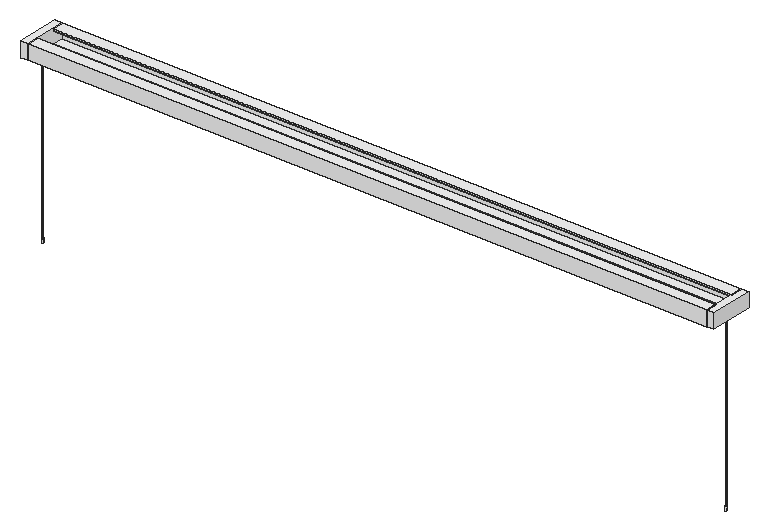
Revit family "SAE104", category Lighting Fixtures, host Face, Revit 2021
Family settings
  Host = Face
  Round Connector Dimension = Use Diameter
  Part Type = Normal
  OmniClass Number = 23.80.70.11.14.17
  OmniClass Title = Direct/Indirect
  Cut with Voids When Loaded = No
  Light Source = Yes
  Shared = Yes
  Room Calculation Point = No
Parameters (values of type "SAE104-8")
  Wattage = 9.2903 W
  Warranty = "5-Years Warranty"
  built-in parameter 1150110 = 1 (stored number, unit not read)
  Voltage = 120 V
  built-in parameter 1114217 = 1 (stored number, unit not read)
  Tilt Angle = -90.00°
  built-in parameter 1150109 = 1 (stored number, unit not read)
  built-in parameter 1150134 = 3
  built-in parameter 1150113 = 1 (stored number, unit not read)
  Power Factor = 1
  Photometric Web Link = ""
  Photometric Web File = "generic"
  Photometric Notes = "More IES files download on Photometric Web Link"  # constant formula
  Pendant Height [instance] = 2' - 0"
  built-in parameter 1150142 = (empty or 0)
  zz Length 1 = 8' - 0"
  Wattage Comments = "Up to 137 lumens/watt efficacy"  # constant formula
  URL = "https://www.currentlighting.com/litecontrol"
  Product Page URL = ""
  Model = "SAE104"  # constant formula
  Manufacturer = "Litecontrol"  # constant formula
  built-in parameter 1150105 = 109.82 (stored number, unit not read)
  Lumens = 1380 lm
  built-in parameter 1150115 = 1 (stored number, unit not read)
  Load Classification = Lighting
  built-in parameter 1150137 = (empty or 0)
  built-in parameter 1150139 = (empty or 0)
  built-in parameter 1150112 = 1 (stored number, unit not read)
  built-in parameter 1150114 = 1 (stored number, unit not read)
  Lamp = "LED's"  # constant formula
  built-in parameter 1150132 = (empty or 0)
  built-in parameter 1150102 = (empty or 0)
  built-in parameter 1150107 = 3200 (stored number, unit not read)
  built-in parameter 1150138 = (empty or 0)
  built-in parameter 1150106 = 1.0982 (stored number, unit not read)
  Glass = White Glass
  Emit from Rectangle Width = 0' - 4"  # constant formula
  Emit from Rectangle Length = zz Length 1 - 0' 2"  # 7' - 10"
  Emit Shape Visible in Rendering = no
  built-in parameter 1150104 = 13.8 (stored number, unit not read)
  Dimming Lamp Color Temperature Shift = <None>
  Description = "Linear Pendant Indirect/Direct"  # constant formula
  Default Elevation = 4' - 0"
  Contact Us = ""
  Color Filter = 16777215
  built-in parameter 1114218 = 1 (stored number, unit not read)
  Housing Material = Paint -  Matte White
  built-in parameter 1150133 = 10 (stored number, unit not read)
  Assembly Code = "D5020200"
  Apparent Load = 0 VA
Types (3): name | zz Length 1 | Emit from Rectangle Length
  (no name) | 8' - 0" | 7' - 10"
  SAE104-4 | 4' - 0" | 3' - 10"
  SAE104-8 | 8' - 0" | 7' - 10"
Reference planes (in)
  plane 1 "Center (Front/Back)": y = 13.01342
  plane 2: z = 0
  plane 3 "Center (Left/Right)": x = 0
  plane 4: z = 24
  plane 5: x = -48
  plane 6: x = 48
  plane 7: x = -47.3125
  plane 8: x = 47.3125
  plane 9: z = 23.5
  plane 10: z = 0.5
  plane 11: z = 25
Forms (in)
  Revolve 1, solid, material "Paint -  Matte White" <- "Housing Material"
    sketch origin (-5.75, 13.01342, 0) x (-1, 0, 0) y (0, 0, 1)
      loop
        line (-53.0625, 24) -> (-53.0625, 0) -> (-52.9375, 0) -> (-52.9375, 0.5) -> (-53, 0.5) -> (-53, 23.5) -> (-52.9375, 23.5) -> (-52.9375, 24) -> (-53.0625, 24)
      axis (-53.0625, 24) -> (-53.0625, 0)
    angle from 0 to 360
  Revolve 2, solid, material "Paint -  Matte White" <- "Housing Material"
    sketch origin (5.75, 13.01342, 0) x (1, 0, 0) y (0, 0, 1)
      loop
        line (-53.0625, 24) -> (-53.0625, 0) -> (-52.9375, 0) -> (-52.9375, 0.5) -> (-53, 0.5) -> (-53, 23.5) -> (-52.9375, 23.5) -> (-52.9375, 24) -> (-53.0625, 24)
      axis (-53.0625, 24) -> (-53.0625, 0)
    angle from 0 to 360
Dimensions and locks (in)
  "Pendant Height": plane 4 to level
  equal spacing: plane 6, plane 3 "Center (Left/Right)", plane 5
  "zz Length 1": plane 6 to plane 5
  locked: plane 4 to plane 9 at 0.5
  locked: plane 10 to plane 2 at 0.5
  locked: plane 7 to plane 5 at 0.6875
  locked: plane 6 to plane 8 at 0.6875
  locked: plane 11 to plane 4 at 1
  aligned and locked: plane 2 to host face
  aligned and locked: level to host face
  aligned and locked: Revolve 1 sketch curve to Revolve 1 sketch curve
  aligned and locked: Revolve 1 sketch curve to plane 8
  aligned and locked: plane 4 to Revolve 1 sketch curve
  aligned and locked: Revolve 1 sketch curve to level
  aligned and locked: plane 3 "Center (Left/Right)" to nested 1
  aligned and locked: plane 1 "Center (Front/Back)" to nested 1
  aligned and locked: Revolve 2 sketch curve to Revolve 2 sketch curve
  aligned and locked: plane 9 to Revolve 2
  aligned and locked: plane 10 to Revolve 2
  aligned and locked: Revolve 1 to plane 9
  aligned and locked: Revolve 1 to plane 10
  aligned and locked: plane 3 "Center (Left/Right)" to imposter light
  aligned and locked: plane 11 to imposter light
Automatic sketch dimensions
  host sketch curve to host sketch curve = 8' - 0"  (x2)
  plane 8 to Revolve 1 sketch curve = 0' - 0 1/16"
  Revolve 1 sketch curve to level = 0' - 0 1/2"
  Revolve 1 sketch curve to Revolve 1 sketch curve = 0' - 0 1/16"  (x2)
  plane 4 to Revolve 1 sketch curve = 0' - 0 1/2"
  Revolve 1 sketch curve to Revolve 1 sketch curve = 0' - 0.66777"
  Revolve 1 sketch curve to Revolve 1 sketch curve = 0' - 9.83778"
  Revolve 2 sketch curve to plane 4 = 0' - 0"
  Revolve 2 sketch curve to plane 7 = 0' - 0"
  Revolve 2 sketch curve to level = 0' - 0"
  plane 7 to Revolve 2 sketch curve = 0' - 0 1/16"
  level to Revolve 2 sketch curve = 0' - 0 1/2"
  Revolve 2 sketch curve to Revolve 2 sketch curve = 0' - 0 1/16"  (x2)
  Revolve 2 sketch curve to plane 4 = 0' - 0 1/2"
  Revolve 2 sketch curve to Revolve 2 sketch curve = 0' - 0.66777"
  Revolve 2 sketch curve to Revolve 2 sketch curve = 0' - 9.83778"
Nested families (in)
  nested 1: "104" at (-0.01104, 12.97343, 24), Glass <- "Glass", Backbox <- "Housing Material", Length <- "zz Length 1", type "104"
    with Length 8' - 0", Glass White Glass, Backbox Paint -  Matte White
Connectors (in)
  electrical at (0, 10.82592, 24), driven by "Voltage", driven by "Load Classification", driven by "Apparent Load", driven by "Power Factor"
    settings: on nested 1, index 1, voltage 120 V, apparent load 0 VA, apparent load phase1 0 VA, apparent load phase2 0 VA, apparent load phase3 0 VA, power factor 1, load classification "Lighting", number of poles 1, system type 30, power factor state 1, is connector primary yes, connector utility no, sub classification motor no, connector description "Lighting Connector"
Definition of nested family "104"
  Parameters
    Wattage Comments = ""
    URL = ""
    Model = ""
    Manufacturer = ""
    Length [instance] = 4' - 0"
    Lamp = ""
    Glass [instance] = none
    Description = ""
    Default Elevation = 4' - 0"
    Backbox [instance] = none
    Apparent Load = 0 VA
  Reference planes (in)
    plane 1 "Center (Front/Back)": y = 0.03999
    plane 2: z = 0
    plane 3 "Center (Left/Right)": x = 0.01104
    plane 4: y = 8.13374
    plane 5: y = -8.05376
    plane 6: z = 2
    plane 7: z = 1.875
    plane 8: x = -23.98896
    plane 9: x = 24.01104
    plane 10: x = -22.98896
    plane 11: x = 23.01104
    plane 12: y = 1.41499
    plane 13: y = -1.33501
    plane 14: z = 0.125
    plane 15: y = -2.96001
    plane 16: y = 3.03999
    plane 17: z = 1.75
    plane 18: y = 2.91499
    plane 19: y = -2.83501
  Forms (in)
    Extrusion 1, solid
      sketch origin (0, 0, 0.06357) x (1, 0, 0) y (0, 1, 0)
        loop
          line (-48, 48) -> (-48, -48) -> (48, -48) -> (48, 48) -> (-48, 48)
      from -0.06357 to -12.81105
    Extrusion 2, solid, material <- "Backbox"
      sketch origin (23.01104, -180, 29.46954) x (0, 0, 1) y (0, -1, 0)
        loop
          line (-27.46954, -183.03999) -> (-27.46954, -177.03999) -> (-29.46954, -177.03999) -> (-29.46954, -183.03999) -> (-27.46954, -183.03999)
      from 0 to 1
    Extrusion 3, solid, material <- "Backbox"
      sketch origin (-22.98896, -180, 28.85133) x (0, 0, 1) y (0, -1, 0)
        loop
          line (-26.85133, -183.03999) -> (-26.85133, -177.03999) -> (-28.85133, -177.03999) -> (-28.85133, -183.03999) -> (-26.85133, -183.03999)
      from 0 to -1
    Extrusion 4, solid, material <- "Glass"
      sketch origin (-23.78896, 8.13374, 2) x (0, -1, 0) y (1, 0, 0)
        loop
          line (6.71875, 0.8) -> (9.46875, 0.8) -> (9.46875, 46.8) -> (6.71875, 46.8) -> (6.71875, 0.8)
      from -0.125 to -1.875
    Extrusion 5, solid, material <- "Backbox"
      sketch origin (0.01104, 0, 0) x (0, 1, 0) y (0, 0, 1)
        loop
          line (3.03999, 2) -> (1.41499, 2) -> (1.41499, 1.75) -> (2.91499, 1.75) -> (2.91499, 0.125) -> (1.41499, 0.125) -> (1.41499, 0) -> (3.03999, 0) -> (3.03999, 2)
        loop
          line (-2.96001, 0) -> (-1.33501, 0) -> (-1.33501, 0.125) -> (-2.83501, 0.125) -> (-2.83501, 1.75) -> (-1.33501, 1.75) -> (-1.33501, 2) -> (-2.96001, 2) -> (-2.96001, 0)
      from -23 to 23
  Cuts and joins
    joined: Extrusion 2, Extrusion 3
  Dimensions and locks (in)
    locked: plane 6 to Extrusion 1 at 2
    locked: plane 6 to plane 7 at 0.125
    "Length": plane 9 to plane 8
    locked: plane 10 to plane 8 at 1
    locked: plane 9 to plane 11 at 1
    equal spacing: plane 9, plane 3 "Center (Left/Right)", plane 8
    locked: plane 14 to Extrusion 1 at 0.125
    locked: plane 12 to plane 13 at 2.75
    equal spacing: plane 12, plane 1 "Center (Front/Back)", plane 13
    plane 16 to plane 1 "Center (Front/Back)" to plane 15 = 0' - 3" locked, 0' - 3" locked
    locked: plane 7 to plane 17 at 0.125
    locked: plane 16 to plane 18 at 0.125
    locked: plane 19 to plane 15 at 0.125
    aligned and locked: plane 2 to Extrusion 1
    aligned and locked: plane 9 to cut or joined group of Extrusion 2, Extrusion 3
    aligned and locked: cut or joined group of Extrusion 2, Extrusion 3 to plane 8
    aligned and locked: Extrusion 5 to plane 10
    aligned and locked: plane 11 to Extrusion 5
    aligned and locked: plane 12 to Extrusion 4 sketch curve
    aligned and locked: plane 13 to Extrusion 4 sketch curve
    aligned and locked: Extrusion 3 to Extrusion 4
    aligned and locked: Extrusion 2 to Extrusion 4
    aligned and locked: Extrusion 2 to plane 11
    aligned and locked: plane 6 to Extrusion 5 sketch curve
    aligned and locked: plane 16 to Extrusion 5 sketch curve
    aligned and locked: Extrusion 5 sketch curve to level
    aligned and locked: Extrusion 5 sketch curve to plane 15
    aligned and locked: Extrusion 5 sketch curve to plane 17  (x2)
    aligned and locked: plane 14 to Extrusion 5 sketch curve
    aligned and locked: plane 7 to Extrusion 4
    aligned and locked: plane 19 to Extrusion 5
    aligned and locked: plane 18 to Extrusion 5
    aligned and locked: Extrusion 3 sketch curve to Extrusion 5  (x2)
    aligned and locked: Extrusion 3 sketch curve to plane 15
    aligned and locked: Extrusion 3 to level
    aligned and locked: Extrusion 2 sketch curve to cut or joined group of Extrusion 2, Extrusion 3  (x4)
    aligned and locked: plane 10 to Extrusion 3
    aligned and locked: Extrusion 5 sketch curve to plane 12
    aligned and locked: plane 13 to Extrusion 5 sketch curve
    aligned and locked: Extrusion 4 to Extrusion 5
  Automatic sketch dimensions
    Extrusion 1 sketch curve to Extrusion 1 sketch curve = 8' - 0"  (x2)
    plane 10 to Extrusion 4 sketch curve = 0' - 0"
    Extrusion 4 sketch curve to plane 11 = 0' - 0"
    Extrusion 3 sketch curve to level = 0' - 0"
    Extrusion 5 sketch curve to plane 19 = 0' - 0"
    Extrusion 5 sketch curve to plane 13 = 0' - 0"
    Extrusion 5 sketch curve to plane 12 = 0' - 0"
    Extrusion 5 sketch curve to plane 18 = 0' - 0"
    Extrusion 5 sketch curve to plane 6 = 0' - 0"
    Extrusion 5 sketch curve to level = 0' - 0"
    Extrusion 5 sketch curve to plane 14 = 0' - 0"
